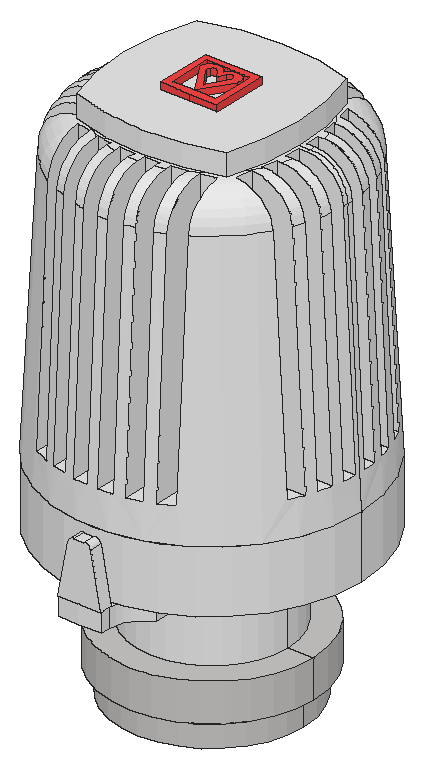
Revit family "HERZ-Thermostatkopf M28x1.5 7260", category Rohrzubehör, Revit 2018
Family settings
  Bemaßung runder Anschluss = Durchmesser verwenden
  Teiletyp = Normal
  OmniClass-Nummer = 23.65.55.14
  OmniClass-Titel = Valves for Liquid Services
  Arbeitsebenenbasiert = Nein
  Immer vertikal = Nein
  Beim Laden mit Abzugskörper schneiden = Nein
  Gemeinsam genutzt = Nein
Parameters
  automatische Frostsicherung = "bei ca. 6°C"  # constant formula
  W02 = 120.00°  # constant formula
  W01 = 135.00°  # constant formula
  URL = "www.herz-armaturen.at"
  Sollwerbereich = "6 - 28°C"  # constant formula
  S02 = 60.000 mm  # constant formula
  S01 = H02 + H07  # 79.500 mm
  R08 = 15.000 mm  # constant formula
  R07 = 6.000 mm  # constant formula
  R06 = 24.000 mm  # constant formula
  R05 = 16.350 mm  # constant formula
  R04 = 14.750 mm  # constant formula
  R03 = 13.200 mm  # constant formula
  R02 = 12.200 mm  # constant formula
  R01 = 22.400 mm  # constant formula
  Hersteller = "HERZ Armaturen Ges.m.b.H."  # constant formula
  Handrad = "Kunststoff, weiß"  # constant formula
  H09 = 3.500 mm  # constant formula
  H08 = 10.000 mm  # constant formula
  H07 = 59.000 mm  # constant formula
  H06 = 3.500 mm  # constant formula
  H05 = 10.500 mm  # constant formula
  H04 = 11.700 mm  # constant formula
  H03 = 4.500 mm  # constant formula
  H02 = 20.500 mm  # constant formula
  H01 = 45.800 mm  # constant formula
  Funktionsweise = "Der HERZ-Thermostat dient als Fühl- und Regelelement.\r\nDurch die Volumsänderung der Flüssigkeitsfüllung im HERZ-Hydrosensor wird die Schubspindel des Ventils bewegt."
  Bestellnummer = 1726006  # constant formula
  Ausführungen = "Heizkörperthermostat mit Flüssigkeitsfühler (Hydrosensor)\r\nmit automatischer Frostsicherung und Begrenzung ud Blockierung des Sollwertbereiches. Handradfarbe weiß."
  Anwendung = "Zur Montage auf allen HERZ-Ventilen, die für thermostatischen Betrieb eingerichtet sind."
Reference planes
  plane 1 "Mitte (Vorne/hinten)": y = 0
  plane 2: z = 0
  plane 3 "Mitte (Links/rechts)": x = 0
Forms (mm)
  Revolve 1, solid, material "Messing verzinkt", detail levels fine
    sketch origin (0, 0, 0) x (1, 0, 0) y (0, 0, 1)
      loop
        line (0, 4.5) -> (13.2, 4.5) -> (13.2, -3.563) -> (14.75, -3.563) -> (14.75, -0.063) -> (16.35, 0.861) -> (16.35, 6.937) -> (0, 6.937) -> (0, 4.5)
      axis (0, 6.937) -> (0, -3.563)
    angle from 0 to 360
  Revolve 2, solid, material "Kunststoff weiß", detail levels fine
    sketch origin (0, 0, 0) x (1, 0, 0) y (0, 0, 1)
      loop
        line (0, 20.5) -> (24, 20.5) -> (24, 30.5) -> (21.791, 73.806)
        arc (21.791, 73.806) -> (19.931, 77.849) -> (15.798, 79.5) r 6
        line (15.798, 79.5) -> (0, 79.5) -> (0, 20.5)
      axis (0, 79.5) -> (0, 20.5)
    angle from 0 to 360
  Extrusion 3, void
    sketch origin (0, 0, 0) x (1, 0, 0) y (0, 1, 0)
      loop
        line (24.458, 0.8) -> (24.458, 3.2) -> (14.361, 3.2)
        arc (14.361, 3.2) -> (14.446, 2.001) -> (14.491, 0.8) r 37
        line (14.491, 0.8) -> (24.458, 0.8)
      loop
        line (24.458, 4.8) -> (24.458, 7.2) -> (13.793, 7.2)
        arc (13.793, 7.2) -> (14.01, 6.003) -> (14.187, 4.8) r 37
        line (14.187, 4.8) -> (24.458, 4.8)
      loop
        line (24.458, 8.8) -> (24.458, 11.2) -> (12.764, 11.2)
        arc (12.764, 11.2) -> (13.121, 10.006) -> (13.438, 8.8) r 37
        line (13.438, 8.8) -> (24.458, 8.8)
      loop
        line (24.458, -0.8) -> (14.491, -0.8)
        arc (14.491, -0.8) -> (14.446, -2.001) -> (14.361, -3.2) r 37
        line (14.361, -3.2) -> (24.458, -3.2) -> (24.458, -0.8)
      loop
        line (24.458, -4.8) -> (14.187, -4.8)
        arc (14.187, -4.8) -> (14.01, -6.003) -> (13.793, -7.2) r 37
        line (13.793, -7.2) -> (24.458, -7.2) -> (24.458, -4.8)
      loop
        line (24.458, -8.8) -> (13.438, -8.8)
        arc (13.438, -8.8) -> (13.121, -10.006) -> (12.764, -11.2) r 37
        line (12.764, -11.2) -> (24.458, -11.2) -> (24.458, -8.8)
      loop
        line (-24.458, 0.8) -> (-14.491, 0.8)
        arc (-14.491, 0.8) -> (-14.446, 2.001) -> (-14.361, 3.2) r 37
        line (-14.361, 3.2) -> (-24.458, 3.2) -> (-24.458, 0.8)
      loop
        line (-24.458, 4.8) -> (-14.187, 4.8)
        arc (-14.187, 4.8) -> (-14.01, 6.003) -> (-13.793, 7.2) r 37
        line (-13.793, 7.2) -> (-24.458, 7.2) -> (-24.458, 4.8)
      loop
        line (-24.458, 8.8) -> (-13.438, 8.8)
        arc (-13.438, 8.8) -> (-13.121, 10.006) -> (-12.764, 11.2) r 37
        line (-12.764, 11.2) -> (-24.458, 11.2) -> (-24.458, 8.8)
      loop
        line (-24.458, -0.8) -> (-24.458, -3.2) -> (-14.361, -3.2)
        arc (-14.361, -3.2) -> (-14.446, -2.001) -> (-14.491, -0.8) r 37
        line (-14.491, -0.8) -> (-24.458, -0.8)
      loop
        line (-24.458, -4.8) -> (-24.458, -7.2) -> (-13.793, -7.2)
        arc (-13.793, -7.2) -> (-14.01, -6.003) -> (-14.187, -4.8) r 37
        line (-14.187, -4.8) -> (-24.458, -4.8)
      loop
        line (-24.458, -8.8) -> (-24.458, -11.2) -> (-12.764, -11.2)
        arc (-12.764, -11.2) -> (-13.121, -10.006) -> (-13.438, -8.8) r 37
        line (-13.438, -8.8) -> (-24.458, -8.8)
      loop
        line (0.8, 24.458) -> (0.8, 14.491)
        arc (0.8, 14.491) -> (2.001, 14.446) -> (3.2, 14.361) r 37
        line (3.2, 14.361) -> (3.2, 24.458) -> (0.8, 24.458)
      loop
        line (4.8, 24.458) -> (4.8, 14.187)
        arc (4.8, 14.187) -> (6.003, 14.01) -> (7.2, 13.793) r 37
        line (7.2, 13.793) -> (7.2, 24.458) -> (4.8, 24.458)
      loop
        line (8.8, 24.458) -> (8.8, 13.438)
        arc (8.8, 13.438) -> (10.006, 13.121) -> (11.2, 12.764) r 37
        line (11.2, 12.764) -> (11.2, 24.458) -> (8.8, 24.458)
      loop
        line (-0.8, 24.458) -> (-3.2, 24.458) -> (-3.2, 14.361)
        arc (-3.2, 14.361) -> (-2.001, 14.446) -> (-0.8, 14.491) r 37
        line (-0.8, 14.491) -> (-0.8, 24.458)
      loop
        line (-4.8, 24.458) -> (-7.2, 24.458) -> (-7.2, 13.793)
        arc (-7.2, 13.793) -> (-6.003, 14.01) -> (-4.8, 14.187) r 37
        line (-4.8, 14.187) -> (-4.8, 24.458)
      loop
        line (-8.8, 24.458) -> (-11.2, 24.458) -> (-11.2, 12.764)
        arc (-11.2, 12.764) -> (-10.006, 13.121) -> (-8.8, 13.438) r 37
        line (-8.8, 13.438) -> (-8.8, 24.458)
      loop
        line (0.8, -24.458) -> (3.2, -24.458) -> (3.2, -14.361)
        arc (3.2, -14.361) -> (2.001, -14.446) -> (0.8, -14.491) r 37
        line (0.8, -14.491) -> (0.8, -24.458)
      loop
        line (4.8, -24.458) -> (7.2, -24.458) -> (7.2, -13.793)
        arc (7.2, -13.793) -> (6.003, -14.01) -> (4.8, -14.187) r 37
        line (4.8, -14.187) -> (4.8, -24.458)
      loop
        line (8.8, -24.458) -> (11.2, -24.458) -> (11.2, -12.764)
        arc (11.2, -12.764) -> (10.006, -13.121) -> (8.8, -13.438) r 37
        line (8.8, -13.438) -> (8.8, -24.458)
      loop
        line (-0.8, -24.458) -> (-0.8, -14.491)
        arc (-0.8, -14.491) -> (-2.001, -14.446) -> (-3.2, -14.361) r 37
        line (-3.2, -14.361) -> (-3.2, -24.458) -> (-0.8, -24.458)
      loop
        line (-4.8, -24.458) -> (-4.8, -14.187)
        arc (-4.8, -14.187) -> (-6.003, -14.01) -> (-7.2, -13.793) r 37
        line (-7.2, -13.793) -> (-7.2, -24.458) -> (-4.8, -24.458)
      loop
        line (-8.8, -24.458) -> (-8.8, -13.438)
        arc (-8.8, -13.438) -> (-10.006, -13.121) -> (-11.2, -12.764) r 37
        line (-11.2, -12.764) -> (-11.2, -24.458) -> (-8.8, -24.458)
    from 36 to 81.5
  Extrusion 4, solid, material "Kunststoff weiß", detail levels fine
    sketch origin (0, 0, 0) x (1, 0, 0) y (0, 1, 0)
      loop
        arc (12, 12) -> (0, 14) -> (-12, 12) r 37
        arc (-12, 12) -> (-14, 0) -> (-12, -12) r 37
        arc (-12, -12) -> (0, -14) -> (12, -12) r 37
        arc (12, -12) -> (14, 0) -> (12, 12) r 37
    from 79.5 to 83
  Extrusion 5, solid, material "Kunststoff weiß", detail levels fine
    sketch origin (0.017, -0.017, 0) x (0, -1, 0) y (1, 0, 0)
      loop
        line (14.714, 6.983) -> (14.714, -7.017) -> (19.645, -7.017)
        arc (19.645, -7.017) -> (21.761, -4.508) -> (24.882, -3.488) r 6
        line (24.882, -3.488) -> (26.272, -3.488)
        arc (26.272, -3.488) -> (26.5, 0) -> (26.267, 3.488) r 26.5
        line (26.267, 3.488) -> (24.882, 3.488)
        arc (24.882, 3.488) -> (21.777, 4.497) -> (19.66, 6.983) r 6
        line (19.66, 6.983) -> (14.714, 6.983)
    from 17.5 to 20.5
  Extrusion 6, solid, material "Kunststoff weiß", detail levels fine
    sketch origin (0.017, -0.017, 3.5) x (1, 0, 0) y (0, 0, 1)
      loop
        arc (-0.8, 26.1) -> (-1.432, 25.875) -> (-1.779, 25.302) r 1
        line (-1.779, 25.302) -> (-3.488, 17) -> (3.488, 17) -> (1.779, 25.302)
        arc (1.779, 25.302) -> (1.432, 25.875) -> (0.8, 26.1) r 1
        line (0.8, 26.1) -> (-0.8, 26.1)
    from 26.5 to 24.5
  Revolve 7, solid, material "Kunststoff weiß", detail levels fine
    sketch origin (90.543, 0, 0) x (1, 0, 0) y (0, 0, 1)
      loop
        line (-90.543, 0) -> (-77.343, 0) -> (-77.343, 4.5) -> (-78.343, 4.5) -> (-78.343, 20.5) -> (-68.143, 20.5) -> (-68.143, 34.1) -> (-75.543, 34.1) -> (-75.543, 45.8) -> (-90.543, 45.8) -> (-90.543, 0)
      axis (-90.543, 45.8) -> (-90.543, 0)
    angle from 0 to 360
Cuts and joins
  Extrusion 3 cuts Revolve 2
Lines and regions (mm)
  model lines, detail levels coarse+medium
    curve 1: line (0, 0, 0) -> (0, 0, 19.5)
    curve 2: line (0, -0.017, 0) -> (0, 19.5, 0)
    curve 3: circle (0, 0, 49.5) r 30 normal (0, -1, 0)
    curve 4: circle (0, 0, 49.5) r 30 normal (1, 0, 0)
    curve 5: line (0, 0, 29.5) -> (0, 0, 69.5)
    curve 6: line (0, -17.5, 69.5) -> (0, 17.5, 69.5)
    curve 7: line (0, 0, 29.5) -> (0, 0, 69.5)
    curve 8: line (-17.5, 0, 69.5) -> (17.5, 0, 69.5)
    curve 9: circle (0, 49.5, 0) r 30 normal (0, 0, 1)
    curve 10: line (0, 29.5, 0) -> (0, 69.5, 0)
    curve 11: line (-17.5, 69.5, 0) -> (17.5, 69.5, 0)
Dimensions and locks
  "H05": Revolve 1 sketch curve to Revolve 1 sketch curve
  "H06": Revolve 1 sketch curve to Revolve 1 sketch curve
  "H03": Revolve 1 sketch curve to plane 2
  "R04": Revolve 1 sketch curve to plane 3 "Mitte (Links/rechts)"
  "R03": plane 3 "Mitte (Links/rechts)" to Revolve 1 sketch curve
  "R05": Revolve 1 sketch curve to plane 3 "Mitte (Links/rechts)"
  "H08": Revolve 2 sketch curve to Revolve 2 sketch curve
  "R06": Revolve 2 sketch curve to Revolve 2 sketch curve
  "H02": Revolve 2 sketch curve to plane 2
  "H02": Revolve 7 sketch curve to plane 2
  "H03": Revolve 7 sketch curve to Revolve 7 sketch curve
  "H01": Revolve 7 sketch curve to plane 2
  "H04": Revolve 7 sketch curve to Revolve 7 sketch curve
  "R03": Revolve 7 sketch curve to plane 3 "Mitte (Links/rechts)"
  "R02": plane 3 "Mitte (Links/rechts)" to Revolve 7 sketch curve
  "R01": plane 3 "Mitte (Links/rechts)" to Revolve 7 sketch curve
  "R08": plane 3 "Mitte (Links/rechts)" to Revolve 7 sketch curve
  "H07": Revolve 2 sketch curve to Revolve 2 sketch curve
  "S01": curve 4 to plane 2
  "S01": curve 3 to plane 2
  "S01": plane 1 "Mitte (Vorne/hinten)" to curve 9
  "R07": radius of Revolve 2 sketch curve
  "S02": diameter of curve 3
  "S02": diameter of curve 4
  "S02": diameter of curve 9
  "W02": angle Revolve 1 sketch curve to Revolve 1 sketch curve
  aligned and locked: level to plane 2
Automatic sketch dimensions
  plane 1 "Mitte (Vorne/hinten)" to Extrusion 4 sketch curve = 0.000 mm  (x2)
  Extrusion 4 sketch curve to plane 3 "Mitte (Links/rechts)" = 0.000 mm  (x2)
  Extrusion 4 sketch curve to plane 3 "Mitte (Links/rechts)" = 23.000 mm
  plane 3 "Mitte (Links/rechts)" to Extrusion 4 sketch curve = 23.000 mm
  plane 1 "Mitte (Vorne/hinten)" to Extrusion 4 sketch curve = 23.000 mm
  Extrusion 4 sketch curve to plane 1 "Mitte (Vorne/hinten)" = 23.000 mm
  Extrusion 4 sketch curve to plane 3 "Mitte (Links/rechts)" = 12.000 mm  (x2)
  plane 3 "Mitte (Links/rechts)" to Extrusion 4 sketch curve = 12.000 mm
  plane 1 "Mitte (Vorne/hinten)" to Extrusion 4 sketch curve = 12.000 mm
  Extrusion 3 sketch curve to Extrusion 3 sketch curve = 0.000 mm  (x58)
  plane 1 "Mitte (Vorne/hinten)" to Extrusion 3 sketch curve = 0.000 mm  (x2)
  Extrusion 3 sketch curve to plane 3 "Mitte (Links/rechts)" = 0.000 mm  (x2)
  Extrusion 3 sketch curve to plane 3 "Mitte (Links/rechts)" = 0.800 mm  (x2)
  Extrusion 3 sketch curve to Extrusion 3 sketch curve = 2.400 mm  (x12)
  Extrusion 3 sketch curve to Extrusion 3 sketch curve = 1.600 mm  (x16)
  Extrusion 3 sketch curve to Extrusion 3 sketch curve = 1.564 mm  (x8)
  Extrusion 3 sketch curve to Extrusion 3 sketch curve = 0.674 mm  (x5)
  Extrusion 3 sketch curve to Extrusion 3 sketch curve = 0.354 mm  (x8)
  Extrusion 3 sketch curve to Extrusion 3 sketch curve = 0.395 mm  (x4)
  Extrusion 3 sketch curve to Extrusion 3 sketch curve = 0.174 mm  (x8)
  plane 1 "Mitte (Vorne/hinten)" to Extrusion 3 sketch curve = 0.800 mm  (x2)
  Extrusion 3 sketch curve to Extrusion 3 sketch curve = 0.130 mm  (x2)
  Extrusion 3 sketch curve to plane 1 "Mitte (Vorne/hinten)" = 0.800 mm  (x2)
  Extrusion 3 sketch curve to Extrusion 3 sketch curve = 8.009 mm  (x3)
  Extrusion 3 sketch curve to Extrusion 3 sketch curve = 1.958 mm  (x7)
  plane 3 "Mitte (Links/rechts)" to Extrusion 3 sketch curve = 0.800 mm  (x2)
  Extrusion 3 sketch curve to Extrusion 3 sketch curve = 11.019 mm
  Extrusion 5 sketch curve to plane 3 "Mitte (Links/rechts)" = 0.000 mm
  plane 1 "Mitte (Vorne/hinten)" to Extrusion 5 sketch curve = 0.017 mm
  Extrusion 5 sketch curve to plane 3 "Mitte (Links/rechts)" = 7.000 mm
  plane 1 "Mitte (Vorne/hinten)" to Extrusion 5 sketch curve = 14.731 mm
  Extrusion 5 sketch curve to Extrusion 5 sketch curve = 4.930 mm
  Extrusion 5 sketch curve to Extrusion 5 sketch curve = 4.946 mm
  Extrusion 5 sketch curve to plane 3 "Mitte (Links/rechts)" = 3.471 mm
  Extrusion 5 sketch curve to Extrusion 5 sketch curve = 5.237 mm
  Extrusion 5 sketch curve to Extrusion 5 sketch curve = 5.222 mm
  Extrusion 5 sketch curve to Extrusion 5 sketch curve = 5.470 mm
  Extrusion 5 sketch curve to Extrusion 5 sketch curve = 0.233 mm
  Extrusion 5 sketch curve to Extrusion 5 sketch curve = 1.390 mm
  plane 3 "Mitte (Links/rechts)" to Extrusion 5 sketch curve = 3.505 mm
  Extrusion 5 sketch curve to Extrusion 5 sketch curve = 3.495 mm
  Extrusion 5 sketch curve to Extrusion 5 sketch curve = 0.000 mm
  Extrusion 6 sketch curve to plane 3 "Mitte (Links/rechts)" = 3.471 mm
  Extrusion 6 sketch curve to plane 3 "Mitte (Links/rechts)" = 1.763 mm
  Extrusion 6 sketch curve to plane 3 "Mitte (Links/rechts)" = 0.783 mm
  plane 3 "Mitte (Links/rechts)" to Extrusion 6 sketch curve = 0.817 mm
  Extrusion 6 sketch curve to Extrusion 6 sketch curve = 0.979 mm
  plane 3 "Mitte (Links/rechts)" to Extrusion 6 sketch curve = 3.505 mm
  level to Extrusion 6 sketch curve = 20.500 mm
  Extrusion 6 sketch curve to Extrusion 6 sketch curve = 8.100 mm
  Extrusion 6 sketch curve to Extrusion 6 sketch curve = 0.000 mm
  Extrusion 6 sketch curve to Extrusion 6 sketch curve = 0.202 mm
  curve 5 to plane 1 "Mitte (Vorne/hinten)" = 0.000 mm
  curve 4 to plane 1 "Mitte (Vorne/hinten)" = 0.000 mm
  plane 1 "Mitte (Vorne/hinten)" to curve 6 = 17.500 mm
  curve 5 to curve 6 = 17.500 mm
  curve 5 to curve 4 = 20.000 mm
  curve 4 to curve 6 = 20.000 mm
  curve 3 to plane 3 "Mitte (Links/rechts)" = 0.000 mm
  curve 7 to plane 3 "Mitte (Links/rechts)" = 0.000 mm
  curve 1 to plane 3 "Mitte (Links/rechts)" = 0.000 mm
  curve 1 to level = 0.000 mm
  curve 8 to curve 7 = 17.500 mm
  plane 3 "Mitte (Links/rechts)" to curve 8 = 17.500 mm
  curve 1 to curve 7 = 10.000 mm
  curve 3 to curve 8 = 20.000 mm
  curve 9 to plane 3 "Mitte (Links/rechts)" = 0.000 mm
  curve 10 to plane 3 "Mitte (Links/rechts)" = 0.000 mm
  curve 2 to plane 3 "Mitte (Links/rechts)" = 0.000 mm
  curve 11 to curve 10 = 17.500 mm
  plane 3 "Mitte (Links/rechts)" to curve 11 = 17.500 mm
  plane 1 "Mitte (Vorne/hinten)" to curve 2 = 0.017 mm
  curve 2 to curve 10 = 10.000 mm
  curve 9 to curve 11 = 20.000 mm
  Revolve 1 sketch curve to plane 3 "Mitte (Links/rechts)" = 0.000 mm  (x2)
  level to Revolve 1 sketch curve = 0.861 mm
  Revolve 1 sketch curve to Revolve 1 sketch curve = 362.982 mm
  Revolve 1 sketch curve to Revolve 1 sketch curve = 2206.878 mm
  Revolve 2 sketch curve to plane 3 "Mitte (Links/rechts)" = 0.000 mm  (x2)
  plane 3 "Mitte (Links/rechts)" to Revolve 2 sketch curve = 15.798 mm
  Revolve 2 sketch curve to Revolve 2 sketch curve = 5.992 mm
  Revolve 2 sketch curve to level = 366.045 mm
  Revolve 2 sketch curve to Revolve 2 sketch curve = 2138.315 mm
  Revolve 7 sketch curve to level = 0.000 mm  (x2)
  Revolve 7 sketch curve to plane 3 "Mitte (Links/rechts)" = 0.000 mm  (x2)
  Revolve 7 sketch curve to Revolve 7 sketch curve = 0.000 mm
Nested families
  nested 1: "Herz-Logo" at (0, 0, 82.5), type "Herz-Logo", detail levels fine
Definition of nested family "Herz-Logo"
  Reference planes
    plane 1 "Mitte (Vorne/hinten)": y = 0
    plane 2: z = 0
    plane 3 "Mitte (Links/rechts)": x = 0
  Forms (mm)
    Extrusion 1, solid
      sketch origin (0, 0, 0) x (1, 0, 0) y (0, 1, 0)
        loop
          line (-0.018, -4.517) -> (4.482, -4.517) -> (4.482, 4.483) -> (-4.518, 4.483) -> (-4.518, -4.517) -> (-0.018, -4.517)
        loop
          line (-0.05, -3.48) -> (3.482, -3.48) -> (3.482, 3.483) -> (-3.518, 3.483) -> (-3.518, -3.48) -> (-0.05, -3.48)
        loop
          arc (-0.018, 2.383) -> (-1.543, 3.287) -> (-3.067, 2.383) r 1.738
          arc (-3.067, 2.383) -> (-3.191, 1.899) -> (-3.067, 1.415) r 1.009
          line (-3.067, 1.415) -> (-0.018, -3.281) -> (3.032, 1.415)
          arc (3.032, 1.415) -> (3.156, 1.899) -> (3.032, 2.383) r 1.009
          arc (3.032, 2.383) -> (1.507, 3.287) -> (-0.018, 2.383) r 1.738
        loop
          arc (1.885, 1.272) -> (2.005, 1.675) -> (1.885, 2.079) r 0.74
          arc (1.885, 2.079) -> (1.265, 2.416) -> (0.644, 2.079) r 0.74
          line (0.644, 2.079) -> (-0.018, 0.97) -> (-0.679, 2.079)
          arc (-0.679, 2.079) -> (-1.3, 2.416) -> (-1.921, 2.079) r 0.74
          arc (-1.921, 2.079) -> (-2.04, 1.675) -> (-1.921, 1.272) r 0.74
          line (-1.921, 1.272) -> (-0.018, -1.658) -> (1.885, 1.272)
      from 0 to 1.5
  Dimensions and locks
    aligned and locked: level to plane 2
